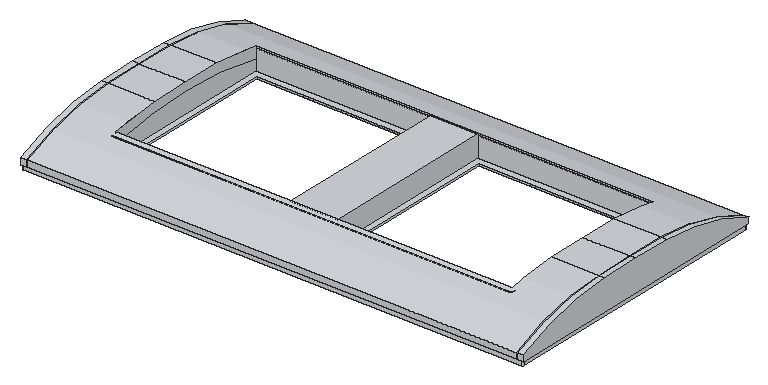
Revit family "Gira_0212736", category Electrical Fixtures, host Face, Revit 2017
Family settings
  Host = Face
  Maintain Annotation Orientation = No
  Round Connector Dimension = Use Diameter
  Part Type = Normal
  Cut with Voids When Loaded = No
  Shared = No
  Room Calculation Point = No
Parameters (values of type "Cov.fr. 2-g interm.fr. CAl Gira Event Clear black")
  URL = "http://katalog.gira.de/en/datenblatt.html?artikelnr=0212736"
  Transparent = "No"
  Name = "Cov.fr. 2-g interm.fr. CAl Gira Event Clear black"
  Manufacturer URL = "https://www.gira.de/"
  Manufacturer = "Gira"
  Label space/information surface = "No"
  Keynote = ""
  HeinzeBIM = "https://bimportal.heinze.de/bim/cov-fr-2-g-interm-fr-cal-gira-event-clear-black/ebc8fae1fc30a4ceeb94a1c0088da6ce1f38b95c"
  HAN = "0212736"
  GTIN = "4010337068860"
  Description = "Cov.fr.2g i.fr.CAl EvCl BK,Gira Event Clear cover frame,black with colour aluminium intermediate frame,2-gang,Features:,- Shatter-proof."
  Default Elevation = 1219.2 mm
  Data sheet (1) = "https://katalog.gira.de/en/download.html?artikelnr=0212736"
  Category = "Cover frame for domestic switching devices"
  BIM (1) = "https://media.stage.bim.site/public/gira/36a6b08/Event_Rahmen_2fach.rfa"
  Available = "No"
Reference planes
  plane 1 "Center (Front/Back)": y = 0
  plane 2: z = 0
  plane 3 "Center (Left/Right)": x = 0
Forms (mm)
  Extrusion 1, solid, detail levels fine
    sketch origin (0, 0, 0.05) x (0, 1, 0) y (0, 0, 1)
      loop
        arc (12.445, 9.683) -> (6.223, 9.833) -> (0, 9.85) r 291.636
        arc (0, 9.85) -> (-6.223, 9.833) -> (-12.445, 9.683) r 291.636
        arc (-12.445, 9.683) -> (-29.14, 7.482) -> (-45, 1.823) r 79.728
        line (-45, 1.823) -> (-45, -0.05) -> (-42.086, -0.05)
        arc (-42.086, -0.05) -> (-21.385, 5.559) -> (0, 7.206) r 114.424
        arc (0, 7.206) -> (21.385, 5.559) -> (42.086, -0.05) r 114.424
        line (42.086, -0.05) -> (45, -0.05) -> (45, 1.823)
        arc (45, 1.823) -> (29.14, 7.482) -> (12.445, 9.683) r 79.728
    from -78.55 to 78.55
  Extrusion 2, void, detail levels fine
    sketch origin (0, 0, 0) x (1, 0, 0) y (0, 1, 0)
      loop
        line (-63.55, -27.937) -> (63.55, -27.937) -> (63.55, 28.063) -> (-63.55, 28.063) -> (-63.55, -27.937)
    from 0.724 to 11
  Extrusion 3, solid, detail levels coarse
    sketch origin (0, 0, 0) x (1, 0, 0) y (0, 1, 0)
      loop
        line (-80.55, 45) -> (-80.55, -45) -> (80.55, -45) -> (80.55, 45) -> (-80.55, 45)
    from -1.5 to 9.9
  Extrusion 4, solid, detail levels medium
    sketch origin (0, 0, 0.05) x (0, 1, 0) y (0, 0, 1)
      loop
        arc (12.445, 9.683) -> (6.223, 9.833) -> (0, 9.85) r 291.636
        arc (0, 9.85) -> (-6.223, 9.833) -> (-12.445, 9.683) r 291.636
        arc (-12.445, 9.683) -> (-29.14, 7.482) -> (-45, 1.823) r 79.728
        line (-45, 1.823) -> (-45, -0.05) -> (45, -0.05) -> (45, 1.823)
        arc (45, 1.823) -> (29.14, 7.482) -> (12.445, 9.683) r 79.728
    from -80.55 to 80.55
  Extrusion 5, solid, detail levels fine
    sketch origin (-35.55, 0, -1.5) x (0, 1, 0) y (0, 0, -1)
      loop
        line (45, -3.373) -> (45, -1.5) -> (-45, -1.5) -> (-45, -3.373)
        arc (-45, -3.373) -> (-29.14, -9.032) -> (-12.445, -11.233) r 79.728
        arc (-12.445, -11.233) -> (-6.223, -11.383) -> (0, -11.4) r 291.636
        arc (0, -11.4) -> (6.223, -11.383) -> (12.445, -11.233) r 291.636
        arc (12.445, -11.233) -> (29.14, -9.032) -> (45, -3.373) r 79.728
    from 43 to 45
  Extrusion 6, solid, detail levels fine
    sketch origin (0, 0, 0) x (1, 0, 0) y (0, 1, 0)
      loop
        line (-61.45, 25.7) -> (-61.45, -25.7) -> (-9.65, -25.7) -> (-9.65, 25.7) -> (-61.45, 25.7)
      loop
        line (61.45, -25.7) -> (61.45, 25.7) -> (9.65, 25.7) -> (9.65, -25.7) -> (61.45, -25.7)
      loop
        line (-64.445, 28.49) -> (-64.445, -28.495)
        spline (-64.445, -28.495) -> (-64.436, -28.625) -> (-64.411, -28.754) -> (-64.369, -28.878) -> (-64.311, -28.995) -> (-64.238, -29.104) -> (-64.152, -29.202) -> (-64.054, -29.288) -> (-63.945, -29.361) -> (-63.828, -29.419) -> (-63.704, -29.461) -> (-63.575, -29.486) -> (-63.445, -29.495)
        line (-63.445, -29.495) -> (63.445, -29.495)
        spline (63.445, -29.495) -> (63.575, -29.486) -> (63.704, -29.461) -> (63.828, -29.419) -> (63.945, -29.361) -> (64.054, -29.288) -> (64.152, -29.202) -> (64.238, -29.104) -> (64.311, -28.995) -> (64.369, -28.878) -> (64.411, -28.754) -> (64.436, -28.625) -> (64.445, -28.495)
        line (64.445, -28.495) -> (64.445, 28.49)
        spline (64.445, 28.49) -> (64.436, 28.62) -> (64.411, 28.748) -> (64.369, 28.872) -> (64.311, 28.99) -> (64.238, 29.098) -> (64.152, 29.197) -> (64.054, 29.283) -> (63.945, 29.356) -> (63.828, 29.413) -> (63.704, 29.456) -> (63.575, 29.481) -> (63.445, 29.49)
        line (63.445, 29.49) -> (-63.445, 29.49)
        spline (-63.445, 29.49) -> (-63.575, 29.481) -> (-63.704, 29.456) -> (-63.828, 29.413) -> (-63.945, 29.356) -> (-64.054, 29.283) -> (-64.152, 29.197) -> (-64.238, 29.098) -> (-64.311, 28.99) -> (-64.369, 28.872) -> (-64.411, 28.748) -> (-64.436, 28.62) -> (-64.445, 28.49)
    from 0.1 to 7.3
  Extrusion 7, solid
    sketch origin (0, 0, 0) x (1, 0, 0) y (0, 1, 0)
      loop
        arc (-80.25, -44.2) -> (-80.104, -44.554) -> (-79.75, -44.7) r 0.5
        line (-79.75, -44.7) -> (79.75, -44.7)
        arc (79.75, -44.7) -> (80.104, -44.554) -> (80.25, -44.2) r 0.5
        line (80.25, -44.2) -> (80.25, 44.2)
        arc (80.25, 44.2) -> (80.104, 44.554) -> (79.75, 44.7) r 0.5
        line (79.75, 44.7) -> (-79.75, 44.7)
        arc (-79.75, 44.7) -> (-80.104, 44.554) -> (-80.25, 44.2) r 0.5
        line (-80.25, 44.2) -> (-80.25, -44.2)
      loop
        line (-78.55, 43) -> (-78.55, -43) -> (78.55, -43) -> (78.55, 43) -> (-78.55, 43)
    from -1.5 to 0.5
  Extrusion 8, solid, detail levels fine
    sketch origin (35.55, 0, -1.5) x (0, 1, 0) y (0, 0, 1)
      loop
        arc (45, 3.373) -> (29.14, 9.032) -> (12.445, 11.233) r 79.728
        arc (12.445, 11.233) -> (6.223, 11.383) -> (0, 11.4) r 291.636
        arc (0, 11.4) -> (-6.223, 11.383) -> (-12.445, 11.233) r 291.636
        arc (-12.445, 11.233) -> (-29.14, 9.032) -> (-45, 3.373) r 79.728
        line (-45, 3.373) -> (-45, 1.5) -> (45, 1.5) -> (45, 3.373)
    from 43 to 45
  Extrusion 9, solid, detail levels medium
    sketch origin (0, 0, 0) x (1, 0, 0) y (0, 1, 0)
      loop
        line (-80.25, -44.7) -> (80.25, -44.7) -> (80.25, 44.7) -> (-80.25, 44.7) -> (-80.25, -44.7)
    from -1.5 to 0.5
  Extrusion 10, solid, detail levels fine
    sketch origin (0, 0, 0) x (1, 0, 0) y (0, 1, 0)
      loop
        line (-7.55, 28.063) -> (-7.55, -27.937) -> (7.55, -27.937) -> (7.55, 28.063) -> (-7.55, 28.063)
    from 0.724 to 7.566
Cuts and joins
  Extrusion 2 cuts Extrusion 1
  Extrusion 2 cuts Extrusion 6
Dimensions and locks
  aligned and locked: plane 2 to host face
  aligned and locked: level to host face
